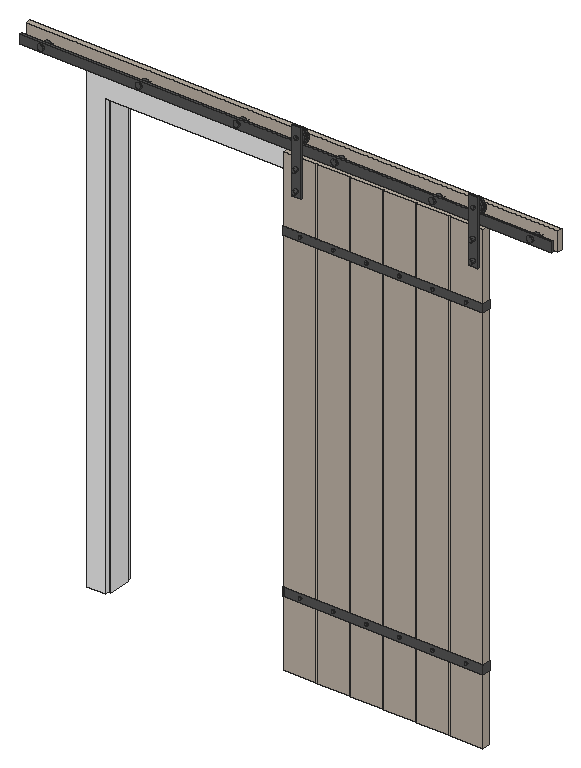
Revit family "Door_Barn_Authentic", category Doors, host Wall, Revit 2026
Family settings
  Host = Wall
  Classification Number = 23.30.10.17.11
  Always vertical = Yes
  Cut with Voids When Loaded = No
  Shared = No
  Room Calculation Point = No
Parameters (values of type "Sandstone Stain")
  panelmovement [instance] = if(Percent Open = 0, 0' 0", 3' 0" / ((100 / Percent Open)))  # 3' - 0"
  longtrackmounts = yes
  Width of Blocking Mounting Board [instance] = 0' - 3 1/2"
  Type Comments = "Confirm Opening Size Requirements"
  Track Width = 8' - 0"
  Strap Design [instance] = BarnDoorStraps : Straight Strap
  Standards Conformance = ""
  Sound Transmission Class (STC) = 0
  Show Generic Cased Opening [instance] = yes
  RO Offset [instance] = 0' - 0 3/4"
  Percent Open [instance] = 100
  Panel Width = 3' - 0"
  Panel Thickness = 0' - 1 3/8"
  Panel Stile Width [instance] = 0' - 4"
  Panel Rail Width_Top [instance] = 0' - 4"
  Panel Rail Width_Bottom [instance] = 0' - 4"
  Panel Intermediate Rail Widths [instance] = 0' - 3"
  Panel Height = 7' - 0"
  Panel Center Rail Width [instance] = 0' - 3"
  Minimum Width = 0' - 0"
  Maximum Width = 0' - 0"
  Locate Center of Track [instance] = 0' - 1 1/2"
  Include Blocking Mounting Board [instance] = yes
  Height to Bottom of Blocking Mounting Board [instance] = 7' - 0 1/16"
  Generic Casing Finish [instance] = Wood - Renin - Painted White
  Function = Interior
  Frame Finish [instance] = Metal - Renin - Matte Black Steel
  Door Finish [instance] = Wood - Renin - Sandstone Stain
  Door Design = Door_Barn-Panel_Renin_Authentic : Grooved Wood Panel
  Clear Opening Width [instance] = 2' - 8"
  Clear Opening Height [instance] = 6' - 8"
  Warranty Duration (Years) = 0
  URL = "https://www.renin.com/"
  Thickness = 0' - 0"  # constant formula
  Test Data = ""
  Specification = ""
  SpecWizard = ""
  Send Message = ""
  Sales Information = "https://www.renin.com/contact-us/"
  Rough Width [instance] = (Clear Opening Width + (RO Offset * 2))  # 2' - 9 1/2"
  Rough Height [instance] = (Clear Opening Height + (RO Offset))  # 6' - 8 3/4"
  Product Properties = ""
  Product Data = "http://www.arcat.com/arcatcos/cos49/arc49687.html"
  Manufacturer Website = "https://www.renin.com/"
  Manufacturer Phone - Toll Free = ""
  Manufacturer Fax = "905-791-3813"
  Manufacturer Address = "110 Walker Dr.   Brampton, ON, Canada    L6T 4H6"
  Maintenance Schedule (Months) = 0
  Installation-Fabrication = ""
  Installation Phase = ""
  Green Building-LEED = ""
  Model = "Authentic - Sandstone Stain"
  Manufacturer = "Renin Corp"
  Keynote = "08 00 00"
  Height [instance] = 0' - 0"  # constant formula
  Wall Closure = By host
  Width [instance] = 0' - 0"  # constant formula
  Fire Rating = "As Specified"
  Expected Lifespan (Years) = 0
  Drawn By = "Sumex Design, Inc. / Robert S. Weygant, CSI, CDT, SCIP"  # constant formula
  Description = "Renin Barn Door and Track - Stone Easy Slide Soft Close as Specified"
  Copyright = "©Arcat Inc. R1_2017-03"  # constant formula
  Construction Details = ""
  Door CL Projection from Wall [instance] = 0' - 2 1/8"
  Building Codes = ""
  Available Options = ""
  Assembly Code = "C1020100"
  Analytic Construction = "<None>"
  Air Space Beneath Door = 0' - 0 7/16"
Reference planes (in)
  plane 1 "Center (Front/Back)": y = -33.96225
  plane 2 "Center (Left/Right)": x = 34.28704
  plane 3: z = 0
  plane 4 "Right": x = 50.28704
  plane 5 "Left": x = 18.28704
  plane 6: z = 0
  plane 7 "Top of Frame": z = 80
  plane 8 "RO Top": z = 80.75
  plane 9 "RO Right": x = 51.03704
  plane 10 "RO Left": x = 17.53704
  plane 11 "EXT WALL FACE": y = -31.96225
  plane 12 "INT WALL FACE": y = -35.96225
  plane 13: x = 51.78704
  plane 14: x = 3.78704
  plane 15: x = 99.78704
  plane 16: y = -38.08725
  plane 17: z = 84.4375
  plane 18: z = 0.4375
  plane 19: z = 85.5625
  plane 20: y = -37.39975
  plane 21: y = -38.77475
  plane 22: x = 52.28704
  plane 23: x = 88.28704
  plane 24: x = 70.28704
Forms (in)
  Sweep 1, solid, material "Wood - Renin - Painted White" <- "Generic Casing Finish", visible <- "Show Generic Cased Opening"
    path origin (0, -35.96225, 0) x (-1, 0, 0) y (0, 0, 1)
      loop
        line (-18.28704, 0) -> (-18.28704, 80) -> (-50.28704, 80) -> (-50.28704, 0)
    profile origin (18.28704, -35.96225, 40) x (1, 0, 0) y (0, 1, 0)
      loop
        line (0, 0) -> (0, 4) -> (-0.75, 4) -> (-0.75, 0) -> (0, 0)
  Sweep 2, solid, material "Wood - Renin - Painted White" <- "Generic Casing Finish", visible <- "Show Generic Cased Opening"
    path origin (0, -35.96225, 0) x (-1, 0, 0) y (0, 0, 1)
      loop
        line (-18.28704, 0) -> (-18.28704, 80) -> (-50.28704, 80) -> (-50.28704, 0)
    profile origin (18.28704, -35.96225, 40) x (1, 0, 0) y (0, 1, 0)
      loop
        line (-0.25, 4) -> (-0.25, 4.75) -> (-3.75, 4.75) -> (-3.75, 4) -> (-0.25, 4)
      loop
        line (-0.25, 0) -> (-3.75, 0) -> (-3.75, -0.75) -> (-0.25, -0.75) -> (-0.25, 0)
  Extrusion 3, solid, material "Metal - Renin - Matte Black Steel" <- "Frame Finish"
    sketch origin (10.10712, -38.08725, 48) x (-1, 0, 0) y (0, 0, 1)
      loop
        line (-89.67991, 38.4375) -> (-89.67991, 36.6875) -> (6.32009, 36.6875) -> (6.32009, 38.4375) -> (-89.67991, 38.4375)
    from 0.125 to -0.125
  Extrusion 4, solid, material "Wood - Renin - Sandstone Stain" <- "Door Finish", visible <- "Include Blocking Mounting Board"
    sketch origin (0, -35.96225, 0) x (-1, 0, 0) y (0, 0, 1)
      loop
        line (-3.78704, 87.5625) -> (-99.78704, 87.5625) -> (-99.78704, 84.0625) -> (-3.78704, 84.0625) -> (-3.78704, 87.5625)
    from 0 to -0.75
  Extrusion 5, solid, material "Metal - Renin - Matte Black Steel" <- "Frame Finish", visible <- "longtrackmounts"
    sketch origin (10.10712, -38.08725, 48) x (-1, 0, 0) y (0, 0, 1)
      loop
        circle (-50.52366, 37.5625) r 0.5
      loop
        circle (-68.21116, 37.5625) r 0.5
      loop
        circle (-85.89866, 37.5625) r 0.5
      loop
        circle (-32.83616, 37.5625) r 0.5
      loop
        circle (-15.14866, 37.5625) r 0.5
      loop
        circle (2.53884, 37.5625) r 0.5
    from -0.31146 to 2.125
Lines and regions (in)
  Opening 1
    outline origin (-109.33485, -35.96225, 0) x (1, 0, 0) y (0, 0, 1)
      loop
        line (126.87189, 0) -> (160.37189, 0) -> (160.37189, 80.75) -> (126.87189, 80.75) -> (126.87189, 0)
Text (in)
  text "Exterior" at (-73.77742, -16.66641, 0), in view "Plan"
  text "Interior" at (-73.77742, -50.14366, 0), in view "Plan"
  text "Exterior" at (0, -17.98638, 123.01588), in view "Right"
  text "Interior" at (0, -64.39139, 123.01588), in view "Right"
  text "Interior" at (0, -52.09468, 121.14095), in view "Left"
  text "Exterior" at (0, 26.35325, 123.00693), in view "Left"
Dimensions and locks (in)
  equal spacing: plane 4 "Right", plane 2 "Center (Left/Right)", plane 5 "Left"
  "Clear Opening Width": plane 5 "Left" to plane 4 "Right"
  "Clear Opening Height": level to plane 7 "Top of Frame"
  "RO Offset": plane 5 "Left" to plane 10 "RO Left"
  "RO Offset": plane 9 "RO Right" to plane 4 "Right"
  "RO Offset": plane 7 "Top of Frame" to plane 8 "RO Top"
  Sweep 2 sketch curve to plane 11 "EXT WALL FACE" to Sweep 2 sketch curve = 0' - 0 3/4" locked, 0' - 0" locked
  plane 12 "INT WALL FACE" to Sweep 2 sketch curve to Sweep 2 sketch curve = 0' - 0" locked, 0' - 0 3/4" locked
  Sweep 2 sketch curve to plane 10 "RO Left" to Sweep 2 sketch curve = 0' - 3" locked, 0' - 0 1/2" locked  (x2)
  "Locate Center of Track": plane 4 "Right" to plane 13
  equal spacing: plane 15, plane 13, plane 14
  "Track Width": plane 15 to plane 14
  "Door CL Projection from Wall": plane 12 "INT WALL FACE" to plane 16
  "Air Space Beneath Door": plane 18 to level
  "Panel Height": plane 17 to plane 18
  locked: plane 19 to plane 17 at 1.125
  Extrusion 3 sketch curve to plane 19 to Extrusion 3 sketch curve = 0' - 0 7/8" locked, 0' - 0 7/8" locked
  equal spacing: plane 20, plane 16, plane 21
  "Panel Thickness": plane 20 to plane 21
  locked: plane 23 to plane 22 at 36
  equal spacing: plane 23, plane 24, plane 22
  "panelmovement": plane 24 to plane 2 "Center (Left/Right)"
  "Height to Bottom of Blocking Mounting Board": Extrusion 4 sketch curve to level
  "Width of Blocking Mounting Board": Extrusion 4 sketch curve to Extrusion 4 sketch curve
  Extrusion 5 sketch curve to Extrusion 5 sketch curve to Extrusion 5 sketch curve to plane 13 = 1' - 5 11/16" locked, 1' - 5 11/16" locked, 0' - 8 27/32" locked
  Extrusion 5 sketch curve to Extrusion 5 sketch curve to Extrusion 5 sketch curve = 1' - 5 11/16" locked, 1' - 5 11/16" locked
  locked: plane 13 to Extrusion 5 sketch curve at 8.84375
  aligned and locked: host wall to plane 1 "Center (Front/Back)"
  aligned and locked: Opening 1 sketch curve to level
  aligned and locked: plane 9 "RO Right" to Opening 1 sketch curve
  aligned and locked: Opening 1 sketch curve to plane 8 "RO Top"
  aligned and locked: plane 10 "RO Left" to Opening 1 sketch curve
  aligned and locked: plane 12 "INT WALL FACE" to host wall
  aligned and locked: host wall to plane 11 "EXT WALL FACE"
  aligned and locked: plane 4 "Right" to Sweep 1 sketch curve
  aligned and locked: Sweep 1 sketch curve to plane 5 "Left"
  aligned and locked: Sweep 1 sketch curve to plane 7 "Top of Frame"
  aligned and locked: Sweep 1 sketch curve to plane 11 "EXT WALL FACE"
  aligned and locked: plane 12 "INT WALL FACE" to Sweep 1 sketch curve
  aligned and locked: plane 10 "RO Left" to Sweep 1 sketch curve
  aligned and locked: plane 5 "Left" to Sweep 1 sketch curve
  aligned and locked: plane 5 "Left" to Sweep 2 sketch curve
  aligned and locked: plane 7 "Top of Frame" to Sweep 2 sketch curve
  aligned and locked: Sweep 2 sketch curve to plane 4 "Right"
  aligned and locked: Extrusion 3 sketch curve to plane 15
  aligned and locked: Extrusion 3 sketch curve to plane 14
  aligned and locked: plane 24 to nested 1
  aligned and locked: nested 1 to plane 21
  aligned and locked: plane 14 to Extrusion 4 sketch curve
  aligned and locked: plane 15 to Extrusion 4 sketch curve
  aligned and locked: plane 12 "INT WALL FACE" to Extrusion 5
  aligned and locked: nested 2 to plane 16
  aligned and locked: nested 2 to plane 20
  aligned and locked: nested 2 to plane 21
  aligned and locked: nested 2 to plane 13
  aligned and locked: plane 18 to nested 2
  aligned and locked: plane 17 to nested 2
Automatic sketch dimensions
  Sweep 1 sketch curve to level = 0' - 0"  (x2)
  Sweep 2 sketch curve to level = 0' - 0"  (x2)
  Extrusion 5 sketch curve to plane 19 = 0' - 0"  (x6)
  radius of Extrusion 5 sketch curve = 0' - 0 1/2"  (x6)
Nested families (in)
  nested 1: "BarnDoorStraps" at (70.28704, -38.77475, 84.4375), type <- "Strap Design", Stile Width <- "Panel Stile Width", finish <- "Frame Finish", type "Straight Strap"
    with finish Metal - Renin - Matte Black Steel, Stile Width 0' - 4", Top Mount no, Strap Mountings yes, Straight Strap yes
  nested 2: "Door_Barn-Panel_Renin_Authentic" at (69.84954, -37.39975, 0), type <- "Door Design", Stile Width <- "Panel Stile Width", Rail Width_Top <- "Panel Rail Width_Top", Rail Width_Bottom <- "Panel Rail Width_Bottom", Intermediate Rail Width <- "Panel Intermediate Rail Widths", Door Finish <- "Door Finish", Center Rail Width <- "Panel Center Rail Width", Hardware Material <- "Frame Finish", type "Grooved Wood Panel"
    with groovelineextension 6' - 8", Stile Width 0' - 4", Rail Width_Top 0' - 4", Rail Width_Bottom 0' - 4", Panel Width 3' - 0", Panel Thickness 0' - 1 3/8", Panel Height 7' - 0", Intermediate Rail Width 0' - 3", Hardware Material Metal - Renin - Matte Black Steel, Door Finish Wood - Renin - Sandstone Stain, Center Rail Width 0' - 3", Center Panel Thickness 0' - 0.42783"
Definition of nested family "BarnDoorStraps"
  Parameters
    finish [instance] = none
    Top Mount = yes
    Strap Mountings = no
    Straight Strap = no
    Stile Width [instance] = 0' - 4"
    Default Elevation = 4' - 0"
    Bent Strap = no
  Reference planes (in)
    plane 1 "Center (Front/Back)": y = 0
    plane 2: z = 0
    plane 3 "Center (Left/Right)": x = 0
    plane 4: x = -18
    plane 5: x = 18
    plane 6: x = -14
    plane 7: x = 14
    plane 8: x = -16
    plane 9: x = 16
    plane 10: x = -14.75
    plane 11: x = 14.75
  Forms (in)
    Extrusion 1, solid, material <- "finish", visible <- "Straight Strap"
      sketch origin (-16, -180, 3.46053) x (0, 0, 1) y (0, -1, 0)
        loop
          line (1.53947, -180) -> (1.53947, -179.8125) -> (-9.96053, -179.8125) -> (-9.96053, -180) -> (1.53947, -180)
      from 0.75 to -0.75
    Extrusion 2, solid, material <- "finish", visible <- "Straight Strap"
      sketch origin (16, -180, 3.46053) x (0, 0, 1) y (0, -1, 0)
        loop
          line (1.53947, -180) -> (1.53947, -179.8125) -> (-9.96053, -179.8125) -> (-9.96053, -180) -> (1.53947, -180)
      from 0.75 to -0.75
    Extrusion 3, solid, material <- "finish", visible <- "Strap Mountings"
      sketch origin (0, 0, 0) x (1, 0, 0) y (0, 0, 1)
        loop
          circle (-16, -1.9375) r 0.33529
        loop
          circle (-16, -5.5) r 0.33529
        loop
          circle (16, -1.9375) r 0.33529
        loop
          circle (16, -5.5) r 0.33529
      from 0.1875 to 0.83898
    Revolve 4, solid, material <- "finish", visible <- "Strap Mountings"
      sketch origin (-16, -180, 3.46053) x (0, 0, 1) y (0, -1, 0)
        loop
          line (-0.64045, -180) -> (-1.06567, -180) -> (-1.19953, -180.45376) -> (-1.71053, -180.45376) -> (-1.71053, -180.56187) -> (-1.46053, -180.56187) -> (-1.46053, -180.81187) -> (-1.71053, -180.81187) -> (-1.71053, -180.92124) -> (-1.19953, -180.92124) -> (-1.06567, -181.375) -> (-0.33553, -181.375) -> (-0.33553, -179.6989) -> (-0.64045, -179.6989) -> (-0.64045, -180)
        axis (-0.33553, -179.6989) -> (-0.33553, -181.375)
      angle from 0 to 360
    Revolve 5, solid, material <- "finish", visible <- "Strap Mountings"
      sketch origin (16, -180, 3.46053) x (0, 0, 1) y (0, -1, 0)
        loop
          line (-0.64045, -180) -> (-1.06567, -180) -> (-1.19953, -180.45376) -> (-1.71053, -180.45376) -> (-1.71053, -180.56187) -> (-1.46053, -180.56187) -> (-1.46053, -180.81187) -> (-1.71053, -180.81187) -> (-1.71053, -180.92124) -> (-1.19953, -180.92124) -> (-1.06567, -181.375) -> (-0.33553, -181.375) -> (-0.33553, -179.6989) -> (-0.64045, -179.6989) -> (-0.64045, -180)
        axis (-0.33553, -179.6989) -> (-0.33553, -181.375)
      angle from 0 to 360
    Extrusion 6, solid, material <- "finish", visible <- "Bent Strap"
      sketch origin (-16, -180, 3.46053) x (0, 0, 1) y (0, -1, 0)
        loop
          line (0.78947, -179.8125) -> (-9.96053, -179.8125) -> (-9.96053, -180) -> (0.78947, -180)
          arc (0.78947, -180) -> (1.47697, -180.6875) -> (0.78947, -181.375) r 0.6875
          line (0.78947, -181.375) -> (-0.96053, -181.375) -> (-0.96053, -181.5625) -> (0.78947, -181.5625)
          arc (0.78947, -181.5625) -> (1.66447, -180.6875) -> (0.78947, -179.8125) r 0.875
      from 0.75 to -0.75
    Extrusion 7, solid, material <- "finish", visible <- "Bent Strap"
      sketch origin (16, -180, 3.46053) x (0, 0, 1) y (0, -1, 0)
        loop
          line (0.78947, -179.8125) -> (-9.96053, -179.8125) -> (-9.96053, -180) -> (0.78947, -180)
          arc (0.78947, -180) -> (1.47697, -180.6875) -> (0.78947, -181.375) r 0.6875
          line (0.78947, -181.375) -> (-0.96053, -181.375) -> (-0.96053, -181.5625) -> (0.78947, -181.5625)
          arc (0.78947, -181.5625) -> (1.66447, -180.6875) -> (0.78947, -179.8125) r 0.875
      from 0.75 to -0.75
    Revolve 8, solid, material <- "finish", visible <- "Top Mount"
      sketch origin (-14.75, -180, 3.46053) x (0, 0, 1) y (0, -1, 0)
        loop
          line (-0.64045, -180) -> (-1.06567, -180) -> (-1.19953, -180.45376) -> (-1.71053, -180.45376) -> (-1.71053, -180.56187) -> (-1.46053, -180.56187) -> (-1.46053, -180.81187) -> (-1.71053, -180.81187) -> (-1.71053, -180.92124) -> (-1.19953, -180.92124) -> (-1.06567, -181.375) -> (-0.33553, -181.375) -> (-0.33553, -179.6989) -> (-0.64045, -179.6989) -> (-0.64045, -180)
        axis (-0.33553, -179.6989) -> (-0.33553, -181.375)
      angle from 0 to 360
    Revolve 9, solid, material <- "finish", visible <- "Top Mount"
      sketch origin (14.75, -180, 3.46053) x (0, 0, 1) y (0, -1, 0)
        loop
          line (-0.64045, -180) -> (-1.06567, -180) -> (-1.19953, -180.45376) -> (-1.71053, -180.45376) -> (-1.71053, -180.56187) -> (-1.46053, -180.56187) -> (-1.46053, -180.81187) -> (-1.71053, -180.81187) -> (-1.71053, -180.92124) -> (-1.19953, -180.92124) -> (-1.06567, -181.375) -> (-0.33553, -181.375) -> (-0.33553, -179.6989) -> (-0.64045, -179.6989) -> (-0.64045, -180)
        axis (-0.33553, -179.6989) -> (-0.33553, -181.375)
      angle from 0 to 360
    Extrusion 10, solid, material <- "finish", visible <- "Top Mount"
      sketch origin (0, 0, 0) x (1, 0, 0) y (0, 0, 1)
        loop
          line (-15.5, 0) -> (-14, 0) -> (-14, 3.125)
          arc (-14, 3.125) -> (-14.75, 3.875) -> (-15.5, 3.125) r 0.75
          line (-15.5, 3.125) -> (-15.5, 0)
        loop
          line (15.5, 0) -> (15.5, 3.125)
          arc (15.5, 3.125) -> (14.75, 3.875) -> (14, 3.125) r 0.75
          line (14, 3.125) -> (14, 0) -> (15.5, 0)
      from 0 to 0.1875
    Extrusion 11, solid, material <- "finish", visible <- "Top Mount"
      sketch origin (0, 0, 0) x (1, 0, 0) y (0, 1, 0)
        loop
          line (-16.5, 0.0625) -> (-15.5, 0.0625) -> (-15.5, 0) -> (-14, 0) -> (-14, 0.0625) -> (-13, 0.0625)
          arc (-13, 0.0625) -> (-12.375, 0.6875) -> (-13, 1.3125) r 0.625
          line (-13, 1.3125) -> (-16.5, 1.3125)
          arc (-16.5, 1.3125) -> (-17.125, 0.6875) -> (-16.5, 0.0625) r 0.625
        loop
          arc (16.5, 0.0625) -> (17.125, 0.6875) -> (16.5, 1.3125) r 0.625
          line (16.5, 1.3125) -> (13, 1.3125)
          arc (13, 1.3125) -> (12.375, 0.6875) -> (13, 0.0625) r 0.625
          line (13, 0.0625) -> (14, 0.0625) -> (14, 0) -> (15.5, 0) -> (15.5, 0.0625) -> (16.5, 0.0625)
      from 0 to 0.19622
  Cuts and joins
    joined: Extrusion 10, Extrusion 11
  Dimensions and locks (in)
    plane 4 to plane 3 "Center (Left/Right)" to plane 5 = 1' - 6" locked, 1' - 6" locked
    "Stile Width": plane 6 to plane 4
    "Stile Width": plane 5 to plane 7
    equal spacing: plane 6, plane 8, plane 4
    equal spacing: plane 5, plane 9, plane 7
    locked: plane 6 to plane 10 at 0.75
    locked: plane 11 to plane 7 at 0.75
    plane 6 to Extrusion 10 sketch curve to Extrusion 10 sketch curve = 0' - 0" locked, 0' - 1 1/2" locked
    Extrusion 10 sketch curve to plane 7 to Extrusion 10 sketch curve = 0' - 1 1/2" locked, 0' - 0" locked
    Extrusion 11 sketch curve to plane 10 to Extrusion 11 sketch curve = 0' - 1 3/4" locked, 0' - 1 3/4" locked
    Extrusion 11 sketch curve to plane 11 to Extrusion 11 sketch curve = 0' - 1 3/4" locked, 0' - 1 3/4" locked
    plane 7 to Extrusion 11 sketch curve to Extrusion 11 sketch curve = 0' - 0" locked, 0' - 1 1/2" locked
    Extrusion 11 sketch curve to plane 6 to Extrusion 11 sketch curve = 0' - 1 1/2" locked, 0' - 0" locked
    aligned and locked: plane 2 to level
  Automatic sketch dimensions
    Extrusion 1 sketch curve to plane 1 "Center (Front/Back)" = 0' - 0"
    Extrusion 1 sketch curve to level = 0' - 6 1/2"
    plane 1 "Center (Front/Back)" to Extrusion 1 sketch curve = 0' - 0 3/16"
    level to Extrusion 1 sketch curve = 0' - 5"
    Extrusion 2 sketch curve to plane 1 "Center (Front/Back)" = 0' - 0"
    Extrusion 2 sketch curve to level = 0' - 6 1/2"
    plane 1 "Center (Front/Back)" to Extrusion 2 sketch curve = 0' - 0 3/16"
    level to Extrusion 2 sketch curve = 0' - 5"
    Extrusion 3 sketch curve to plane 8 = 0' - 0"  (x2)
    Extrusion 3 sketch curve to plane 9 = 0' - 0"  (x2)
    Extrusion 3 sketch curve to level = 0' - 5 1/2"  (x2)
    Extrusion 3 sketch curve to level = 0' - 1 15/16"  (x2)
    Revolve 4 sketch curve to plane 1 "Center (Front/Back)" = 0' - 0"  (x2)
    Revolve 4 sketch curve to plane 1 "Center (Front/Back)" = 0' - 0.81187"
    level to Revolve 4 sketch curve = 0' - 1 3/4"
    Revolve 4 sketch curve to Revolve 4 sketch curve = 0' - 0"  (x2)
    Revolve 4 sketch curve to Revolve 4 sketch curve = 0' - 0 1/4"  (x2)
    Revolve 4 sketch curve to plane 1 "Center (Front/Back)" = 0' - 0.45376"
    Revolve 4 sketch curve to Revolve 4 sketch curve = 0' - 0.261"  (x2)
    Revolve 4 sketch curve to Revolve 4 sketch curve = 0' - 0.13386"  (x2)
    Revolve 4 sketch curve to Revolve 4 sketch curve = 0' - 0.42522"
    Revolve 4 sketch curve to Revolve 4 sketch curve = 0' - 0.73014"
    Revolve 4 sketch curve to Revolve 4 sketch curve = 0' - 0 7/64"
    Revolve 4 sketch curve to Revolve 4 sketch curve = 0' - 0.45376"
    plane 1 "Center (Front/Back)" to Revolve 4 sketch curve = 0' - 0.3011"
    Revolve 4 sketch curve to Revolve 4 sketch curve = 0' - 2 1/8"
    Revolve 5 sketch curve to plane 1 "Center (Front/Back)" = 0' - 0"  (x2)
    Revolve 5 sketch curve to plane 1 "Center (Front/Back)" = 0' - 0.81187"
    level to Revolve 5 sketch curve = 0' - 1 3/4"
    Revolve 5 sketch curve to Revolve 5 sketch curve = 0' - 0"  (x2)
    Revolve 5 sketch curve to Revolve 5 sketch curve = 0' - 0 1/4"  (x2)
    Revolve 5 sketch curve to plane 1 "Center (Front/Back)" = 0' - 0.45376"
    Revolve 5 sketch curve to Revolve 5 sketch curve = 0' - 0.261"  (x2)
    Revolve 5 sketch curve to Revolve 5 sketch curve = 0' - 0.13386"  (x2)
    Revolve 5 sketch curve to Revolve 5 sketch curve = 0' - 0.42522"
    Revolve 5 sketch curve to Revolve 5 sketch curve = 0' - 0.73014"
    Revolve 5 sketch curve to Revolve 5 sketch curve = 0' - 0 7/64"
    Revolve 5 sketch curve to Revolve 5 sketch curve = 0' - 0.45376"
    plane 1 "Center (Front/Back)" to Revolve 5 sketch curve = 0' - 0.3011"
    Revolve 5 sketch curve to Revolve 5 sketch curve = 0' - 2 1/8"
    Extrusion 6 sketch curve to Extrusion 6 sketch curve = 0' - 0"  (x2)
    Extrusion 6 sketch curve to plane 1 "Center (Front/Back)" = 0' - 0"
    plane 1 "Center (Front/Back)" to Extrusion 6 sketch curve = 0' - 0 3/16"
    Extrusion 6 sketch curve to level = 0' - 6 1/2"
    level to Extrusion 6 sketch curve = 0' - 2 1/2"
    Extrusion 6 sketch curve to Extrusion 6 sketch curve = 0' - 1 3/4"
    Extrusion 6 sketch curve to Extrusion 6 sketch curve = 0' - 0 11/16"
    Extrusion 7 sketch curve to Extrusion 7 sketch curve = 0' - 0"  (x2)
    Extrusion 7 sketch curve to plane 1 "Center (Front/Back)" = 0' - 0"
    plane 1 "Center (Front/Back)" to Extrusion 7 sketch curve = 0' - 0 3/16"
    Extrusion 7 sketch curve to level = 0' - 6 1/2"
    level to Extrusion 7 sketch curve = 0' - 2 1/2"
    Extrusion 7 sketch curve to Extrusion 7 sketch curve = 0' - 1 3/4"
    Extrusion 7 sketch curve to Extrusion 7 sketch curve = 0' - 0 11/16"
    Revolve 8 sketch curve to plane 1 "Center (Front/Back)" = 0' - 0"  (x2)
    Revolve 8 sketch curve to plane 1 "Center (Front/Back)" = 0' - 0.81187"
    level to Revolve 8 sketch curve = 0' - 1 3/4"
    Revolve 8 sketch curve to Revolve 8 sketch curve = 0' - 0"  (x2)
    Revolve 8 sketch curve to Revolve 8 sketch curve = 0' - 0 1/4"  (x2)
    Revolve 8 sketch curve to plane 1 "Center (Front/Back)" = 0' - 0.45376"
    Revolve 8 sketch curve to Revolve 8 sketch curve = 0' - 0.261"  (x2)
    Revolve 8 sketch curve to Revolve 8 sketch curve = 0' - 0.13386"  (x2)
    Revolve 8 sketch curve to Revolve 8 sketch curve = 0' - 0.42522"
    Revolve 8 sketch curve to Revolve 8 sketch curve = 0' - 0.73014"
    Revolve 8 sketch curve to Revolve 8 sketch curve = 0' - 0 7/64"
    Revolve 8 sketch curve to Revolve 8 sketch curve = 0' - 0.45376"
    plane 1 "Center (Front/Back)" to Revolve 8 sketch curve = 0' - 0.3011"
    Revolve 8 sketch curve to Revolve 8 sketch curve = 0' - 2 1/8"
    Revolve 9 sketch curve to plane 1 "Center (Front/Back)" = 0' - 0"  (x2)
    Revolve 9 sketch curve to plane 1 "Center (Front/Back)" = 0' - 0.81187"
    level to Revolve 9 sketch curve = 0' - 1 3/4"
    Revolve 9 sketch curve to Revolve 9 sketch curve = 0' - 0"  (x2)
    Revolve 9 sketch curve to Revolve 9 sketch curve = 0' - 0 1/4"  (x2)
    Revolve 9 sketch curve to plane 1 "Center (Front/Back)" = 0' - 0.45376"
    Revolve 9 sketch curve to Revolve 9 sketch curve = 0' - 0.261"  (x2)
    Revolve 9 sketch curve to Revolve 9 sketch curve = 0' - 0.13386"  (x2)
    Revolve 9 sketch curve to Revolve 9 sketch curve = 0' - 0.42522"
    Revolve 9 sketch curve to Revolve 9 sketch curve = 0' - 0.73014"
    Revolve 9 sketch curve to Revolve 9 sketch curve = 0' - 0 7/64"
    Revolve 9 sketch curve to Revolve 9 sketch curve = 0' - 0.45376"
    Revolve 9 sketch curve to Revolve 9 sketch curve = 0' - 0.3011"
    Revolve 9 sketch curve to Revolve 9 sketch curve = 0' - 2 1/8"
    Extrusion 10 sketch curve to level = 0' - 0"  (x2)
    level to Extrusion 10 sketch curve = 0' - 3 1/8"
    Extrusion 10 sketch curve to Extrusion 10 sketch curve = 0' - 3 1/8"
    plane 1 "Center (Front/Back)" to Extrusion 11 sketch curve = 0' - 0"  (x2)
    Extrusion 11 sketch curve to plane 1 "Center (Front/Back)" = 0' - 0 1/16"  (x4)
    Extrusion 11 sketch curve to Extrusion 11 sketch curve = 0' - 0 5/8"  (x2)
    radius of Extrusion 3 sketch curve = 0' - 0.33529"  (x4)
Definition of nested family "Door_Barn-Panel_Renin_Authentic"
  Parameters (values of type "Grooved Wood Panel")
    groovelineextension [instance] = 6' - 8"
    Stile Width [instance] = 0' - 4.0428"
    Rail Width_Top [instance] = 0' - 4"
    Rail Width_Bottom [instance] = 0' - 4"
    Panel Width [instance] = 3' - 0"
    Panel Thickness [instance] = 0' - 1 3/8"
    Panel Height [instance] = 7' - 0"
    Intermediate Rail Width [instance] = 0' - 3"
    Hardware Material [instance] = none
    Grooved Wood Panel = yes
    Glazing Panel = no
    Door Finish [instance] = none
    Default Elevation = 0' - 0"  # constant formula
    Center Rail Width [instance] = 0' - 3"
    Center Panel Thickness [instance] = 0' - 0 1/2"
    Analytic Construction = "<None>"
  Reference planes (in)
    plane 1 "Center (Front/Back)": y = 0
    plane 2: z = 0
    plane 3 "Center (Left/Right)": x = 0
    plane 4: x = -18
    plane 5: x = 18
    plane 6: z = 0.4375
    plane 7: z = 84.4375
    plane 8: y = -1.375
    plane 9: x = -12
    plane 10: y = -0.6875
    plane 11: y = -0.4375
    plane 12: y = -0.9375
    plane 13: x = -6
    plane 14: x = 0
    plane 15: x = 6
    plane 16: x = 12
    plane 17: z = 42.4375
    plane 18: z = 72.4375
    plane 19: z = 70.9375
    plane 20: z = 12.4375
    plane 21: z = 13.9375
    plane 22: x = -15
    plane 23: x = -9
    plane 24: x = -3
    plane 25: x = 3
    plane 26: x = 9
    plane 27: x = 15
    plane 28: z = 71.6875
    plane 29: z = 13.1875
    plane 30: y = -1.0625
    plane 31: y = -0.3125
    plane 32: x = 18.0625
    plane 33: x = -18.0625
    plane 34: y = 0.0625
    plane 35: y = 0.125
    plane 36: y = -1.4375
    plane 37: y = -1.5
  Forms (in)
    Extrusion 1, solid, material <- "Door Finish"
      sketch origin (-18.65389, -0.6875, 48) x (-1, 0, 0) y (0, 0, 1)
        loop
          line (-0.65389, 36.4375) -> (-36.65389, 36.4375) -> (-36.65389, -47.5625) -> (-0.65389, -47.5625) -> (-0.65389, 36.4375)
      from -0.6875 to 0.6875
    Extrusion 2, void
      sketch origin (-21.72866, -180, 80.4375) x (0, -1, 0) y (-1, 0, 0)
        loop
          line (-180.0625, -15.96191) -> (-179.92783, -15.72866) -> (-180.0625, -15.49541) -> (-180.0625, -15.96191)
        loop
          line (-178.5625, -15.96191) -> (-178.5625, -15.49541) -> (-178.69717, -15.72866) -> (-178.5625, -15.96191)
        loop
          line (-180.0625, -9.49255) -> (-180.0625, -9.96477) -> (-179.92969, -9.72866) -> (-180.0625, -9.49255)
        loop
          line (-178.5625, -9.49255) -> (-178.69531, -9.72866) -> (-178.5625, -9.96477) -> (-178.5625, -9.49255)
      from -4 to 80 <- "groovelineextension"
    Extrusion 3, void
      sketch origin (-21.72866, -180, 80.4375) x (0, -1, 0) y (-1, 0, 0)
        loop
          line (-179.92783, -21.72866) -> (-180.0625, -21.49541) -> (-180.0625, -21.96191) -> (-179.92783, -21.72866)
        loop
          line (-178.5625, -21.49541) -> (-178.69717, -21.72866) -> (-178.5625, -21.96191) -> (-178.5625, -21.49541)
      from -4 to 80 <- "groovelineextension"
    Extrusion 4, void
      sketch origin (-21.72866, -180, 80.4375) x (0, -1, 0) y (-1, 0, 0)
        loop
          line (-179.92783, -27.72866) -> (-180.0625, -27.49541) -> (-180.0625, -27.96191) -> (-179.92783, -27.72866)
        loop
          line (-178.5625, -27.49541) -> (-178.69717, -27.72866) -> (-178.5625, -27.96191) -> (-178.5625, -27.49541)
      from -4 to 80 <- "groovelineextension"
    Extrusion 5, void
      sketch origin (-21.72866, -180, 80.4375) x (0, -1, 0) y (-1, 0, 0)
        loop
          line (-179.92783, -33.72866) -> (-180.0625, -33.49541) -> (-180.0625, -33.96191) -> (-179.92783, -33.72866)
        loop
          line (-178.5625, -33.49541) -> (-178.69717, -33.72866) -> (-178.5625, -33.96191) -> (-178.5625, -33.49541)
      from -4 to 80 <- "groovelineextension"
    Extrusion 6, solid, material <- "Hardware Material"
      sketch origin (0, 0, 0) x (1, 0, 0) y (0, 1, 0)
        loop
          line (-18, -0.4375) -> (-18, -0.9375) -> (18, -0.9375) -> (18, -0.4375) -> (-18, -0.4375)
        loop
          line (-18.0625, 0.0625) -> (-18.0625, -1.4375) -> (18.0625, -1.4375) -> (18.0625, 0.0625) -> (-18.0625, 0.0625)
      from 70.9375 to 72.4375
    Extrusion 7, solid, material <- "Hardware Material"
      sketch origin (0, 0, -58.5) x (1, 0, 0) y (0, 1, 0)
        loop
          line (-18, 0) -> (-18, -1.375) -> (18, -1.375) -> (18, 0) -> (-18, 0)
        loop
          line (-18.0625, 0.0625) -> (-18.0625, -1.4375) -> (18.0625, -1.4375) -> (18.0625, 0.0625) -> (-18.0625, 0.0625)
      from 70.9375 to 72.4375
    Extrusion 8, solid, material <- "Hardware Material"
      sketch origin (0, 0, 0) x (1, 0, 0) y (0, 0, 1)
        loop
          circle (-9, 71.6875) r 0.25
        loop
          circle (-15, 71.6875) r 0.25
        loop
          circle (-3, 71.6875) r 0.25
        loop
          circle (3, 71.6875) r 0.25
        loop
          circle (9, 71.6875) r 0.25
        loop
          circle (15, 71.6875) r 0.25
        loop
          circle (-9, 13.1875) r 0.25
        loop
          circle (-15, 13.1875) r 0.25
        loop
          circle (-3, 13.1875) r 0.25
        loop
          circle (3, 13.1875) r 0.25
        loop
          circle (9, 13.1875) r 0.25
        loop
          circle (15, 13.1875) r 0.25
      from 1.5 to 1.4375
    Extrusion 9, solid, material <- "Hardware Material"
      sketch origin (0, 0.85276, 0) x (1, 0, 0) y (0, 0, 1)
        loop
          circle (-9, 71.6875) r 0.25
        loop
          circle (-15, 71.6875) r 0.25
        loop
          circle (-3, 71.6875) r 0.25
        loop
          circle (3, 71.6875) r 0.25
        loop
          circle (9, 71.6875) r 0.25
        loop
          circle (15, 71.6875) r 0.25
        loop
          circle (-9, 13.1875) r 0.25
        loop
          circle (-15, 13.1875) r 0.25
        loop
          circle (-3, 13.1875) r 0.25
        loop
          circle (3, 13.1875) r 0.25
        loop
          circle (9, 13.1875) r 0.25
        loop
          circle (15, 13.1875) r 0.25
      from 0.79026 to 0.72776
  Cuts and joins
    Extrusion 2, Extrusion 3, Extrusion 4, Extrusion 5 cuts Extrusion 1
  Dimensions and locks (in)
    equal spacing: plane 4, plane 3 "Center (Left/Right)", plane 5
    "Panel Width": plane 4 to plane 5
    locked: plane 6 to level at 0.4375
    "Panel Height": plane 7 to plane 6
    "Panel Thickness": plane 8 to plane 1 "Center (Front/Back)"
    equal spacing: plane 8, plane 10, plane 1 "Center (Front/Back)"
    equal spacing: plane 11, plane 10, plane 12
    "Center Panel Thickness": plane 11 to plane 12
    Extrusion 2 sketch curve to plane 13 to Extrusion 2 sketch curve = 0' - 0.23325", 0' - 0.23325"  (x2)
    Extrusion 3 sketch curve to plane 14 to Extrusion 3 sketch curve = 0' - 0.23325", 0' - 0.23325"  (x2)
    Extrusion 4 sketch curve to plane 15 to Extrusion 4 sketch curve = 0' - 0.23325", 0' - 0.23325"  (x2)
    Extrusion 5 sketch curve to plane 16 to Extrusion 5 sketch curve = 0' - 0.23325", 0' - 0.23325"  (x2)
    equal spacing: plane 7, plane 17, plane 6
    equal spacing: plane 4, plane 9, plane 13, plane 14, plane 15, plane 16, plane 5
    plane 7 to plane 18 to plane 19 = 1' - 0" locked, 0' - 1 1/2" locked
    plane 6 to plane 20 to plane 21 = 1' - 0" locked, 0' - 1 1/2" locked
    locked: cut or joined group of Extrusion 1, Extrusion 2, Extrusion 3, Extrusion 4, Extrusion 5 to Extrusion 6 sketch curve at 0.0625  (x2)
    locked: Extrusion 6 sketch curve to cut or joined group of Extrusion 1, Extrusion 2, Extrusion 3, Extrusion 4, Extrusion 5 at 0.0625  (x2)
    equal spacing: plane 9, plane 22, plane 4
    equal spacing: plane 13, plane 23, plane 9
    equal spacing: plane 3 "Center (Left/Right)", plane 24, plane 13
    equal spacing: plane 15, plane 25, plane 14
    equal spacing: plane 16, plane 26, plane 15
    equal spacing: plane 5, plane 27, plane 16
    equal spacing: plane 18, plane 28, plane 19
    equal spacing: plane 21, plane 29, plane 20
    locked: plane 30 to plane 12 at 0.125
    locked: plane 31 to plane 11 at 0.125
    locked: plane 5 to plane 32 at 0.0625
    locked: plane 4 to plane 33 at 0.0625
    plane 1 "Center (Front/Back)" to plane 34 to plane 35 = 0' - 0 1/16" locked, 0' - 0 1/16" locked
    plane 8 to plane 36 to plane 37 = 0' - 0 1/16" locked, 0' - 0 1/16" locked
    aligned and locked: plane 2 to level
    aligned and locked: plane 7 to cut or joined group of Extrusion 1, Extrusion 2, Extrusion 3, Extrusion 4, Extrusion 5  (x5)
    aligned and locked: cut or joined group of Extrusion 1, Extrusion 2, Extrusion 3, Extrusion 4, Extrusion 5 to plane 6  (x2)
    aligned and locked: cut or joined group of Extrusion 1, Extrusion 2, Extrusion 3, Extrusion 4, Extrusion 5 to plane 4
    aligned and locked: plane 5 to cut or joined group of Extrusion 1, Extrusion 2, Extrusion 3, Extrusion 4, Extrusion 5
    aligned and locked: Extrusion 6 sketch curve to plane 5
    aligned and locked: Extrusion 6 sketch curve to plane 12
    aligned and locked: Extrusion 6 sketch curve to plane 11
    aligned and locked: plane 4 to Extrusion 6 sketch curve
    aligned and locked: plane 18 to Extrusion 6
    aligned and locked: Extrusion 6 to plane 19
    aligned and locked: Extrusion 7 to plane 21
    aligned and locked: plane 20 to Extrusion 7
    aligned and locked: plane 23 to Extrusion 8 sketch curve  (x2)
    aligned and locked: plane 28 to Extrusion 8 sketch curve  (x6)
    aligned and locked: plane 22 to Extrusion 8 sketch curve  (x2)
    aligned and locked: plane 24 to Extrusion 8 sketch curve  (x2)
    aligned and locked: plane 25 to Extrusion 8 sketch curve  (x2)
    aligned and locked: plane 26 to Extrusion 8 sketch curve  (x2)
    aligned and locked: plane 27 to Extrusion 8 sketch curve  (x2)
    aligned and locked: plane 29 to Extrusion 8 sketch curve  (x6)
    aligned and locked: Extrusion 1 to plane 1 "Center (Front/Back)"
    aligned and locked: Extrusion 1 to plane 8
    aligned and locked: plane 1 "Center (Front/Back)" to Extrusion 7 sketch curve
    aligned and locked: plane 8 to Extrusion 7 sketch curve
    aligned and locked: Extrusion 7 sketch curve to plane 5
    aligned and locked: plane 4 to Extrusion 7 sketch curve
    aligned and locked: plane 35 to Extrusion 9
    aligned and locked: Extrusion 9 to plane 34
    aligned and locked: Extrusion 8 to plane 36
    aligned and locked: plane 37 to Extrusion 8
    aligned and locked: Extrusion 7 sketch curve to plane 32
    aligned and locked: Extrusion 7 sketch curve to plane 36
    aligned and locked: Extrusion 7 sketch curve to plane 34
    aligned and locked: Extrusion 7 sketch curve to plane 33
    aligned and locked: Extrusion 2 sketch curve to plane 34
    aligned and locked: plane 36 to Extrusion 2 sketch curve
    aligned and locked: plane 34 to Extrusion 2 sketch curve
    aligned and locked: Extrusion 2 sketch curve to plane 36
    aligned and locked: Extrusion 3 sketch curve to plane 34
    aligned and locked: Extrusion 3 sketch curve to plane 36
    aligned and locked: Extrusion 4 sketch curve to plane 34
    aligned and locked: Extrusion 4 sketch curve to plane 36
    aligned and locked: Extrusion 5 sketch curve to plane 34
    aligned and locked: Extrusion 5 sketch curve to plane 36
  Automatic sketch dimensions
    Extrusion 3 sketch curve to plane 3 "Center (Left/Right)" = 0' - 0"  (x2)
    Extrusion 4 sketch curve to plane 15 = 0' - 0"  (x2)
    Extrusion 5 sketch curve to plane 16 = 0' - 0"  (x2)
    Extrusion 9 sketch curve to plane 22 = 0' - 0"  (x2)
    Extrusion 9 sketch curve to plane 23 = 0' - 0"  (x2)
    Extrusion 9 sketch curve to plane 24 = 0' - 0"  (x2)
    Extrusion 9 sketch curve to plane 25 = 0' - 0"  (x2)
    Extrusion 9 sketch curve to plane 26 = 0' - 0"  (x2)
    Extrusion 9 sketch curve to plane 27 = 0' - 0"  (x2)
    Extrusion 9 sketch curve to plane 29 = 0' - 0"  (x6)
    Extrusion 9 sketch curve to plane 28 = 0' - 0"  (x6)
    plane 11 to Extrusion 3 sketch curve = 0' - 0.36533"
    plane 12 to Extrusion 3 sketch curve = 0' - 0.36533"
    plane 11 to Extrusion 5 sketch curve = 0' - 0.36533"
    plane 12 to Extrusion 5 sketch curve = 0' - 0.36533"
    plane 11 to Extrusion 4 sketch curve = 0' - 0.36533"
    plane 12 to Extrusion 4 sketch curve = 0' - 0.36533"
    Extrusion 1 sketch curve to plane 5 = 0' - 0"
    Extrusion 1 sketch curve to plane 4 = 0' - 0"
    Extrusion 1 sketch curve to plane 6 = 0' - 0"
    Extrusion 1 sketch curve to plane 7 = 0' - 0"
    Extrusion 2 sketch curve to plane 9 = 0' - 0"  (x2)
    Extrusion 2 sketch curve to plane 13 = 0' - 0"  (x2)
    plane 1 "Center (Front/Back)" to Extrusion 2 sketch curve = 0' - 0 9/128"
    plane 1 "Center (Front/Back)" to Extrusion 2 sketch curve = 0' - 0.07217"
    plane 8 to Extrusion 2 sketch curve = 0' - 0.07217"
    plane 8 to Extrusion 2 sketch curve = 0' - 0 9/128"
    Extrusion 2 sketch curve to plane 9 = 0' - 0.23611"  (x2)
    plane 9 to Extrusion 2 sketch curve = 0' - 0.23611"  (x2)
    radius of Extrusion 8 sketch curve = 0' - 0 1/4"  (x12)
    radius of Extrusion 9 sketch curve = 0' - 0 1/4"  (x12)
